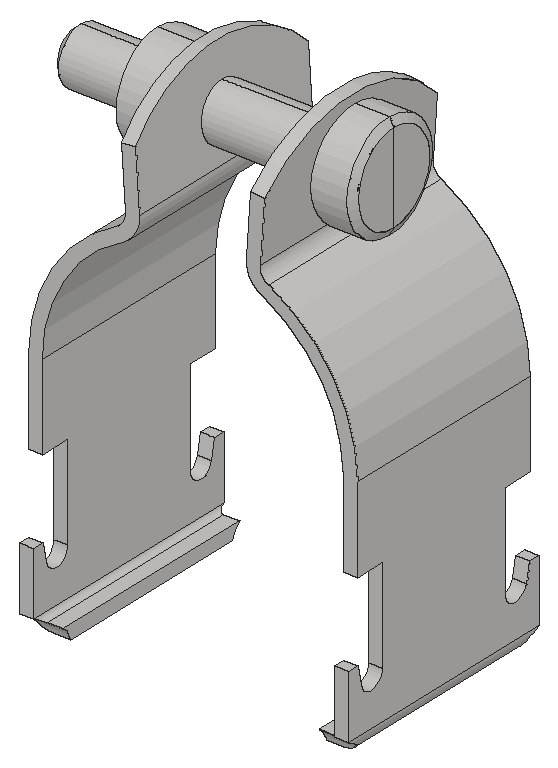
Revit family "P1214 - Atkore", category Specialty Equipment, Revit 2012
Parameters (values of type "P1214")
  ecoScorecard_data = ""
  ecoScorecard Product Page = ""
  Unit = Metal - Aluminum - Atkore - Electro - Galvanized
  URL = "http://unistrut.us/index.php"
  Thickness Gauge = 38.10 mm
  Subcategory = "Pipe Clamps"  # constant formula
  Product Page URL = ""
  Part Type = "Clamp"  # constant formula
  Part Number = "P1214"
  Overall Width = 44.986 mm
  Overall Height = 70.881 mm
  Overall Depth = 32.555 mm
  Model = "P1214"  # constant formula
  Material = "Multiple Options - See Catalog"
  Manufacturer Toll Free Phone = "800-882-5543"  # constant formula
  Manufacturer Phone = "708-339-1610"  # constant formula
  Manufacturer Fax = "708-339-7814"  # constant formula
  Manufacturer Email = "mailto:questions@atkore.com"
  Manufacturer Address = "16100 South Lathrop Avenue, Harvey, IL 60426"  # constant formula
  Manufacturer = "Unistrut by Atkore International"  # constant formula
  Load Capacity Note = "Visit the product page for load application and capacity."  # constant formula
  Literature URL = ""
  Description = "Universal Clamps For Rigid or Thinwall Conduit"  # constant formula
  Cost Info = "mailto:questions@atkore.com"
  Construction Note = ""
  CSI MasterSpec = ""
  CAD URL = ""
  Assembly Code = "D5090300"
  95 CSI = "16070"  # constant formula
  04 CSI = "26 05 48"  # constant formula
Reference planes
  plane 1 "Center (Front/Back)": y = 0
  plane 2: z = 0
  plane 3 "Center (Left/Right)": x = 0
  plane 4: y = 16.277
  plane 5: y = -16.278
  plane 6: z = 70.881
  plane 7: x = -22.493
  plane 8: x = 22.493
Dimensions and locks
  equal spacing: plane 4, plane 1 "Center (Front/Back)", plane 5
  "Overall Height": plane 6 to level
  "Overall Depth": plane 4 to plane 5
  equal spacing: plane 7, plane 3 "Center (Left/Right)", plane 8
  "Overall Width": plane 7 to plane 8
  aligned and locked: level to plane 2
  aligned and locked: plane 1 "Center (Front/Back)" to nested 1
  aligned and locked: plane 3 "Center (Left/Right)" to nested 1
Nested families
  nested 1: "P1214" at (0, 0, 0.01), type "P1214"
Definition of nested family "P1214"
  Parameters (values of type "P1214")
    Unit = none
    Thickness Gauge = 38.10 mm
  Reference planes
    plane 1 "Center (Front/Back)": y = 0
    plane 2: z = 0
    plane 3 "Center (Left/Right)": x = 0
    plane 4: y = 16.259
    plane 5: y = -16.259
  Forms (mm)
    Extrusion 1, solid, material <- "Unit"
      sketch origin (-13.356, 0.13, 0.198) x (0, 1, 0) y (0, 0, -1)
        loop
          arc (10.313, -8.877) -> (11.991, -6.983) -> (14.055, -8.476) r 1.905
          line (14.055, -8.476) -> (14.605, -11.036) -> (16.129, -11.036) -> (16.129, -2.344) -> (-16.363, -2.344) -> (-16.363, -11.036) -> (-14.839, -11.036) -> (-14.288, -8.476)
          arc (-14.288, -8.476) -> (-12.224, -6.983) -> (-10.515, -8.877) r 1.905
          line (-10.515, -8.877) -> (-10.515, -21.9) -> (10.313, -21.9) -> (10.313, -8.877)
      from 7.218 to 9.123
    Extrusion 2, solid, material <- "Unit"
      sketch origin (-13.356, 0.13, 0.198) x (-1, 0, 0) y (0, 0, -1)
        loop
          line (9.123, -21.9) -> (7.218, -21.9) -> (7.218, -33.609)
          arc (7.218, -33.609) -> (4.237, -44.275) -> (-3.841, -51.85) r 20.574
          arc (-3.841, -51.85) -> (-5.538, -53.499) -> (-6.055, -55.808) r 4.138
          line (-6.055, -55.808) -> (-5.821, -59.15) -> (-3.911, -59.15) -> (-4.161, -55.58)
          arc (-4.161, -55.58) -> (-3.898, -54.411) -> (-3.036, -53.579) r 2.088
          arc (-3.036, -53.579) -> (5.844, -45.299) -> (9.123, -33.609) r 22.479
          line (9.123, -33.609) -> (9.123, -21.9)
      from -14.605 to 14.859
    Revolve 3, solid, material <- "Unit"
      sketch origin (3.709, 0.13, 17.959) x (1, 0, 0) y (0, 0, 1)
        loop
          line (-30.884, 48.113) -> (-31.773, 47.224) -> (-31.773, 44.244) -> (11.825, 44.244) -> (11.917, 50.382) -> (11.28, 51.487) -> (6.356, 51.487) -> (6.356, 48.113) -> (-13.797, 48.113) -> (-13.797, 51.375) -> (-20.397, 51.375) -> (-20.397, 48.113) -> (-30.884, 48.113)
        axis (11.917, 44.244) -> (-31.773, 44.244)
      angle from 0 to 360
    Extrusion 4, solid, material <- "Unit"
      sketch origin (-13.356, -16.233, 11.433) x (0, 0, -1) y (1, 0, 0)
        loop
          line (11.433, -4.17) -> (9.528, -4.17) -> (9.528, -6.456)
          arc (9.528, -6.456) -> (9.347, -6.953) -> (8.89, -7.218) r 0.774
          line (8.89, -7.218) -> (8.89, -9.123)
          arc (8.89, -9.123) -> (10.695, -8.296) -> (11.433, -6.452) r 2.674
          line (11.433, -6.452) -> (11.433, -4.17)
      from -32.492 to 0
    Extrusion 5, void
      sketch origin (-10.876, 0.229, 0.347) x (0, 1, 0) y (0, 0, 1)
        loop
          line (16.129, -0.717) -> (16.129, 2.208)
          arc (16.129, 2.208) -> (14.407, 1.117) -> (13.517, -0.717) r 3.726
          line (13.517, -0.717) -> (16.129, -0.717)
      from -15.843 to 36.111
    Extrusion 6, void
      sketch origin (-6.411, -0.118, 0.198) x (0, -1, 0) y (0, 0, -1)
        loop
          line (16.129, 0.717) -> (13.512, 0.717)
          arc (13.512, 0.717) -> (14.377, -1.192) -> (16.129, -2.341) r 3.759
          line (16.129, -2.341) -> (16.129, 0.717)
      from -18.011 to 29.814
    Extrusion 7, solid, material <- "Unit"
      sketch origin (-2.19, 0.13, 16.244) x (0, 1, 0) y (0.070675, 0, -0.997499)
        loop
          line (14.605, -42.127) -> (-14.859, -42.127) -> (-14.859, -48.309)
          arc (-14.859, -48.309) -> (-0.127, -54.925) -> (14.605, -48.309) r 19.711
          line (14.605, -48.309) -> (14.605, -42.127)
      from 2.284 to 4.189
    Extrusion 8, solid, material <- "Unit"
      sketch origin (13.356, 0.13, 0.198) x (0, 1, 0) y (0, 0, 1)
        loop
          line (10.313, 8.877) -> (10.313, 21.9) -> (-10.515, 21.9) -> (-10.515, 8.877)
          arc (-10.515, 8.877) -> (-12.224, 6.983) -> (-14.288, 8.476) r 1.905
          line (-14.288, 8.476) -> (-14.839, 11.036) -> (-16.363, 11.036) -> (-16.363, 2.344) -> (16.129, 2.344) -> (16.129, 11.036) -> (14.605, 11.036) -> (14.055, 8.476)
          arc (14.055, 8.476) -> (11.991, 6.983) -> (10.313, 8.877) r 1.905
      from 7.218 to 9.123
    Extrusion 9, solid, material <- "Unit"
      sketch origin (13.356, 0.13, 0.198) x (1, 0, 0) y (0, 0, 1)
        loop
          line (9.123, 21.9) -> (9.123, 33.609)
          arc (9.123, 33.609) -> (5.844, 45.299) -> (-3.036, 53.579) r 22.479
          arc (-3.036, 53.579) -> (-3.898, 54.411) -> (-4.161, 55.58) r 2.088
          line (-4.161, 55.58) -> (-3.911, 59.15) -> (-5.821, 59.15) -> (-6.055, 55.808)
          arc (-6.055, 55.808) -> (-5.538, 53.499) -> (-3.841, 51.85) r 4.138
          arc (-3.841, 51.85) -> (4.237, 44.275) -> (7.218, 33.609) r 20.574
          line (7.218, 33.609) -> (7.218, 21.9) -> (9.123, 21.9)
      from -14.605 to 14.859
    Extrusion 10, solid, material <- "Unit"
      sketch origin (13.356, -16.233, 11.433) x (0, 0, -1) y (1, 0, 0)
        loop
          line (11.433, 4.17) -> (11.433, 6.452)
          arc (11.433, 6.452) -> (10.695, 8.296) -> (8.89, 9.123) r 2.674
          line (8.89, 9.123) -> (8.89, 7.218)
          arc (8.89, 7.218) -> (9.347, 6.953) -> (9.528, 6.456) r 0.774
          line (9.528, 6.456) -> (9.528, 4.17) -> (11.433, 4.17)
      from -32.492 to 0
    Extrusion 11, solid, material <- "Unit"
      sketch origin (2.19, 0.13, 16.244) x (0, 1, 0) y (0.070675, 0, 0.997499)
        loop
          line (14.605, 42.127) -> (14.605, 48.309)
          arc (14.605, 48.309) -> (-0.127, 54.925) -> (-14.859, 48.309) r 19.711
          line (-14.859, 48.309) -> (-14.859, 42.127) -> (14.605, 42.127)
      from 2.284 to 4.189
  Cuts and joins
    Extrusion 5, Extrusion 6 cuts Extrusion 4
    Extrusion 5, Extrusion 6 cuts Extrusion 10
    joined: Extrusion 1, Extrusion 2, Extrusion 4, Extrusion 7, Extrusion 8, Extrusion 9, Extrusion 10, Extrusion 11
  Dimensions and locks
    plane 5 to plane 4 = 32.519 mm
    aligned and locked: plane 2 to level
